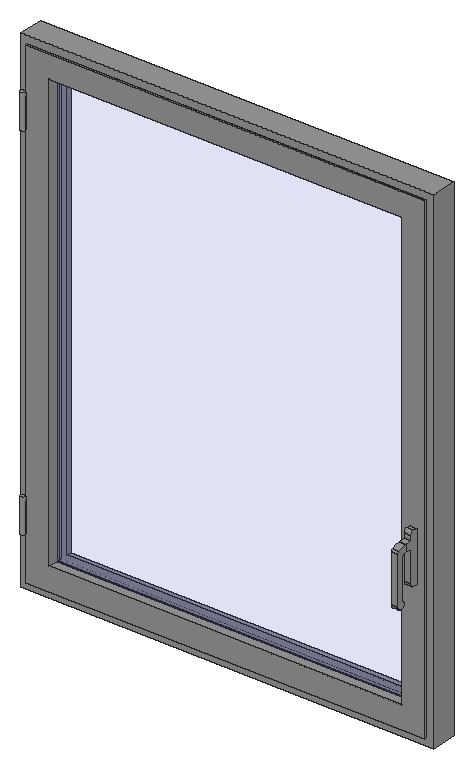
Revit family "2014_Ventana_Carpinteria-Practicable-1-Hoja_Alugom_Serie-ALG-75-Máxima", category Ventanas, Revit 2014
Parameters (values of type "Ventana 1 Hoja Practicable 1230x1480 mm")
  Ventana Oscilante [instance] = no
  Ventana Batiente [instance] = yes
  Uniclass 2.0 Descripción = "Door and window systems"  # constant formula
  Uniclass 2.0 Código = "25-30"  # constant formula
  URL Producto = "http://www.alugom.com/Catalogo/tabid/336/ProdID/31/Language/es-ES/CatID/2/ventana_practicable_de_camara_europea_de_75_mm_con_RPT.aspx"
  URL Poliamida – Catálogo = "http://www.technoform.com/fileadmin/Technoform_Bautec/standardprofiles.html"
  URL Poliamida = "http://www.technoform.es/"
  URL = "http://www.alugom.com/"
  UNSPSC Código = "Windows"  # constant formula
  UNSPSC Categoría = "30171600"  # constant formula
  Transmitancia térmica** = "1.3 W(m²K)"  # constant formula
  Teléfono de Contacto = "+34 91 616 47 27"  # constant formula
  Sección de Marco = 75.00 mm  # constant formula
  Sección de Hoja = 82.00 mm  # constant formula
  Resistencia al viento* = "CLASE C5"  # constant formula
  Poliamida = Poliamida, Technoform Bautec, PA66 GF 25
  Peso máxima por hoja [instance] = if(and(Ventana Batiente, not(Ventana Oscilante)), "120 Kg", if(and(Ventana Oscilante, not([Herraje Oculto Hoja Oscilo-Batiente])), "130 Kg", if(and(Ventana Oscilante, [Herraje Oculto Hoja Oscilo-Batiente]), "170 Kg", "120 Kg")))  # "120 Kg"
  Permeabilidad al aire* = "CLASE 4"  # constant formula
  PERFILES_Junquillo 22mm_Vertical = 2
  PERFILES_Junquillo 22mm_Horizontal = 2
  PERFILES_8428-Vierteaguas_Horizontal = 1
  PERFILES_8412-Pletina falleba_Vertical = 0
  PERFILES_16070H-Cerco ventana alg 75_Vertical = 2
  PERFILES_16070H-Cerco ventana alg 75_Horizontal = 2
  PERFILES_16064H-Hoja ventana alg 75_Vertical = 2
  PERFILES_16064H-Hoja ventana alg 75_Horizontal = 2
  Omniclass Título = "Casment Window"  # constant formula
  Omniclass Código = "23.30.20.17.21.21"  # constant formula
  Modelo = "Serie ALG 75 MAXIMA"  # constant formula
  Masterformat Descripción = "Aluminium Windows"  # constant formula
  Masterformat Código = "08 51 13"  # constant formula
  Marco = Aluminio
  Manija [instance] = if(or(Ventana Oscilante, Ventana Batiente), 1 = 1, 1 = 0)  # yes
  Línea Proyección = Anchura - (2 * 12.25 mm)  # 1205.50 mm
  IFC Clasificación = ""
  Herraje Oculto Hoja Oscilo-Batiente [instance] = no
  Grosor Acristalamiento Control = if(Grosor Acristalamiento < 26.50 mm, 26.50 mm, if(Grosor Acristalamiento > 60.50 mm, 60.50 mm, Grosor Acristalamiento))  # 39.00 mm
  Grosor Acristalamiento = 39.00 mm
  Fecha Revisión de Contenido = "20/10/2015"  # constant formula
  Fecha de Caducidad de la Información = "01/01/2016"  # constant formula
  Fabricante = "Grupo ALUGOM"  # constant formula
  Estanqueidad al aire* = "CLASE E1650"  # constant formula
  Email de Contacto = "alugom@alugom.com"  # constant formula
  Detalle Perfileria 16070H + 16064H [instance] = yes
  Desfase Interior Real [instance] = Desfase Interior + 75.00 mm  # 75.00 mm
  Desfase Interior [instance] = 0.00 mm
  Descripción = "Ventana 1 hoja practicable con rotura de puente térmico"  # constant formula
  Creado por = "Bimetica Parametric Design Services S.L."  # constant formula
  Configuración de Poliamidas = "Poliamidas P66 GF25Technoform Bautec de la serie Standar. Referencias: 429300, 268400, 425100, 380000"  # constant formula
  Comentarios de tipo = "UNA VENTANA TOP CON LA EFICIENCIA ENERGETICA DEL FUTURO\r\nCon la nueva ALG 75 MAXIMA y su valor medio Uf de 1,26 W/m2K el ahorro en calefacción está asegurado. Este sistema de carpintería posee una eficiencia energética mayor que muchas ventanas de PVC o madera, satisfaciendo los requisitos mas exigentes en aislamiento térmico. Y todo ello, sin renunciar a las ventajas de resistencia, durabilidad, elegancia y posibilidades de diseño del aluminio. Estos increíbles valores de aislamiento térmico se consiguen mediante las poliamidas de 'alas' y 'celdas', la doble junta central y la colocación de 'foam' por debajo del cristal.\r\nSe trata de un sistema de carpintería de tres cámaras con rotura de puente térmico para puertas y ventanas, que con un diseño robusto, una gran versatilidad  y un alto aislamiento térmico, está especialmente diseñado para que el montaje sea fácil. La hoja de 81 mm de esta ventana permite hasta 60 mm de galce, pudiéndose realizar grandes ventanales para mejorar el confort y la luminosidad de las viviendas o edificios. \r\n\r\nVentana de elegante sofisticación ideal para quien busque una arquitectura sostenible con un diseño vanguardista."  # constant formula
  COBie Categoría = ""
  Bimetica = "http://www.bimetica.com"
  Anchura Real = if(Anchura < 500.00 mm, 500.00 mm, if(Anchura > 1700.00 mm, 1700.00 mm, Anchura))  # 1230.00 mm
  Altura Real = if(Altura < 500.00 mm, 500.00 mm, if(Altura > 2500.00 mm, 2500.00 mm, Altura))  # 1480.00 mm
  Altura Manija [instance] = 500.00 mm
  Altura Cristal = Altura - 73.05 mm  # 1406.95 mm
  Altura Hoja = Altura - 27.00 mm  # 1453.00 mm
  Altura = 1480.00 mm
  Altura de antepecho por defecto = 900.00 mm
  Cierre de muro = Por anfitrión
  Anchura = 1230.00 mm
  Aislamiento acústico*** = "44 (-1,-5) dB"  # constant formula
  Acristalamiento = Vidrio
  ACCESORIOS_5105-Ángulo vulcanizado junta central = 4
  ACCESORIOS_5085 Junta perimetral hoja alg (L) = 2
  ACCESORIOS_5085 Junta perimetral hoja alg (H) = 2
  ACCESORIOS_5079-Manilla Inox recta = 1
  ACCESORIOS_5074-Refuerzo junta central (L) = 2
  ACCESORIOS_5074-Refuerzo junta central (H) = 2
  ACCESORIOS_5073-Junta central alg (L) = 2
  ACCESORIOS_5073-Junta central alg (H) = 2
  ACCESORIOS_4850-Junta exterior acrist. c/alas (L) = 2
  ACCESORIOS_4850-Junta exterior acrist. c/alas (H) = 2
  ACCESORIOS_4847-Escuadra cerco-hoja = 8
  ACCESORIOS_4739-Terminal pletina metálico = 2
  ACCESORIOS_4720-Cerradero lateral doble = 2
  ACCESORIOS_4710-Escuadra alineamiento (14mm) = 12
  ACCESORIOS_4613-Mecanismo cuadradillo pract. = 1
  ACCESORIOS_4390-Bisagra pract. = 2
  ACCESORIOS_4337-Embellecedor salida agua = 2
  ACCESORIOS_4008-Patín apoyo hoja = 1
  ACCESORIOS_1306-Escuadra exterior = 8
  *** Info = "Ventana de 2 hojas de 1230x1480 mm; Vidrio Rw: 40 (-2,-6) dB"  # constant formula
  ** Info = "Ventana de 1 hoja de 1230x1480 mm; Vidrio Uv: 0,7W(m²K) "  # constant formula
  * Info = "Ventana de 2 hojas de 1230x1480 mm"  # constant formula
Reference planes
  plane 1 "Centro (Frontal/Posterior)": y = 0
  plane 2 "Centro (Izquierda/Derecha)": x = 0
  plane 3 "Izquierda": x = -615
  plane 4 "Derecha": x = 615
  plane 5 "Antepecho": z = 900
  plane 6 "Extremo inicial": z = 2380
  plane 7 "Exterior": y = 100
  plane 8 "Interior": y = -100
  plane 9 "centro carpinteria": y = -25
  plane 10 "Manija": x = 559.999
  plane 11 "altura Manija": z = 1400
Forms (mm)
  Sweep 1, solid, material "Aluminio" <- "Marco", detail levels medium+fine
    path origin (0, -25, 0) x (-1, 0, 0) y (0, 0, 1)
      loop
        line (-615, 2380) -> (-615, 900) -> (615, 900) -> (615, 2380) -> (-615, 2380)
    profile origin (615, -25, 1640) x (0, 1, 0) y (-1, 0, 0)
      loop
        line (0, 0) -> (0, 49) -> (-4, 49) -> (-4, 27) -> (-75, 27) -> (-75, 0) -> (0, 0)
  Sweep 2, solid, material "Aluminio" <- "Marco", detail levels medium+fine
    path origin (0, -25, 0) x (-1, 0, 0) y (0, 0, 1)
      loop
        line (-615, 900) -> (615, 900) -> (615, 2380) -> (-615, 2380) -> (-615, 900)
    profile origin (615, -25, 1640) x (1, 0, 0) y (0, 1, 0)
      loop
        line (-37.27, -48.401) -> (-37.27, -16) -> (-48.463, -16) -> (-48.463, -6.4) -> (-45.497, -6.4) -> (-45.497, -5) -> (-54.995, -5) -> (-54.995, 0) -> (-89.002, 0) -> (-89.002, -15.203) -> (-64.982, -15.203) -> (-64.982, -34.703) -> (-64.982, -54.203) -> (-89.002, -54.203) -> (-89.002, -82) -> (-21, -82) -> (-21, -78.5) -> (-38.502, -78.5) -> (-38.502, -53.6) -> (-46.466, -53.6) -> (-46.466, -48.401) -> (-37.27, -48.401)
  Sweep 3, solid, material "Aluminio" <- "Marco", detail levels coarse
    path origin (0, -25, 0) x (-1, 0, 0) y (0, 0, 1)
      loop
        line (-615, 2380) -> (-615, 900) -> (615, 900) -> (615, 2380) -> (-615, 2380)
    profile origin (0, -25, 2380) x (0, 0, 1) y (0, 1, 0)
      loop
        line (0, 0) -> (-64.982, 0) -> (-64.982, -75) -> (0, -75) -> (0, 0)
  Extrusion 4, solid, material "Vidrio" <- "Acristalamiento"
    sketch origin (0, 0, 900) x (0, -1, 0) y (1, 0, 0)
      loop
        line (40.203, -541.95) -> (79.203, -541.95) -> (79.203, 541.946) -> (40.203, 541.946) -> (40.203, -541.95)
    from 73.05 to 1406.95 <- "Altura Cristal"
  Extrusion 5, solid, material "Aluminio" <- "Marco", visible <- "Manija", detail levels fine
    sketch origin (0, 0, 900) x (0, -1, 0) y (1, 0, 0)
      loop
        arc (101.388, -604.904) -> (114.477, -605.41) -> (104.842, -596.538) r 6.979
        arc (104.842, -596.538) -> (103.415, -596.377) -> (103.009, -595) r 1.298
        line (103.009, -595) -> (103.009, -580.199) -> (103.886, -579.322) -> (103.886, -573.807) -> (101.986, -573.807) -> (101.986, -576.498) -> (78.764, -576.498) -> (78.764, -588) -> (100, -588) -> (100, -600.631) -> (101.388, -604.904)
    from 150 to 250
  Extrusion 6, solid, material "Aluminio" <- "Marco", visible <- "Manija", detail levels fine
    sketch origin (0, 0, 2380) x (0, -1, 0) y (1, 0, 0)
      loop
        arc (101.388, -604.904) -> (114.477, -605.41) -> (104.842, -596.538) r 6.979
        arc (104.842, -596.538) -> (103.415, -596.377) -> (103.009, -595) r 1.298
        line (103.009, -595) -> (103.009, -580.199) -> (103.886, -579.322) -> (103.886, -573.807) -> (101.986, -573.807) -> (101.986, -576.498) -> (78.764, -576.498) -> (78.764, -588) -> (100, -588) -> (100, -600.631) -> (101.388, -604.904)
    from -150 to -250
  Extrusion 7, solid, material "Aluminio" <- "Marco", visible <- "Manija", detail levels fine
    sketch origin (559.999, 0, 0) x (0, -1, 0) y (0, 0, 1)
      loop
        line (107, 1325) -> (117, 1325)
        arc (117, 1325) -> (124.071, 1327.929) -> (127, 1335) r 10
        line (127, 1335) -> (127, 1425.581) -> (145.126, 1428.452) -> (145.126, 1448.452) -> (127, 1451.323) -> (127, 1465)
        arc (127, 1465) -> (124.071, 1472.071) -> (117, 1475) r 10
        line (117, 1475) -> (107, 1475) -> (107, 1325)
    from -10 to 10
  Extrusion 8, solid, material "Aluminio" <- "Marco", visible <- "Manija", detail levels fine
    sketch origin (559.999, 0, 0) x (0, -1, 0) y (0, 0, 1)
      loop
        line (145.126, 1428.452) -> (155.126, 1428.452)
        arc (155.126, 1428.452) -> (158.662, 1426.988) -> (160.126, 1423.452) r 5
        line (160.126, 1423.452) -> (160.126, 1302.519)
        arc (160.126, 1302.519) -> (159.505, 1284.55) -> (175.126, 1293.452) r 10.295
        line (175.126, 1293.452) -> (175.126, 1434.132)
        arc (175.126, 1434.132) -> (174.063, 1437.737) -> (171.473, 1440.461) r 8.011
        arc (171.473, 1440.461) -> (158.662, 1445.651) -> (145.126, 1448.452) r 76.54
        line (145.126, 1448.452) -> (145.126, 1428.452)
    from -10 to 10
Lines and regions (mm)
  Opening 1
    outline origin (3500, -100, 0) x (1, 0, 0) y (0, 0, 1)
      loop
        line (-2885, 900) -> (-2885, 2380) -> (-4115, 2380) -> (-4115, 900) -> (-2885, 900)
  model lines
    curve 1: line (-615, -25, 2380) -> (615, -25, 2380)
    curve 2: line (615, -25, 2380) -> (615, -25, 900)
    curve 3: line (615, -25, 900) -> (-615, -25, 900)
    curve 4: line (-615, -25, 900) -> (-615, -25, 2380)
  symbolic lines, style "Batiente de plano", visible <- "Ventana Batiente"
    curve 5: line (-602.748, -108.026, 0) -> (-602.748, -1313.526, 0)
    curve 8: arc (-602.748, -1313.526, 900) -> (249.669, -960.443, 900) -> (602.752, -108.026, 900) r 1205.5
  symbolic lines, style "Batiente de alzado", visible <- "Ventana Batiente"
    curve 6: line (-615, -25, 2380) -> (594, -25, 1640)
    curve 7: line (594, -25, 1640) -> (-615, -25, 900)
  symbolic lines, style "WindowsGlassProjection", detail levels medium+fine
    curve 9: line (-541.95, -74.203, 900) -> (541.95, -74.203, 900)
    curve 10: line (541.95, -45.203, 900) -> (-541.95, -45.203, 900)
    curve 13: line (541.95, -57.203, 900) -> (-541.95, -57.203, 900)
    curve 14: line (541.95, -62.203, 900) -> (-541.95, -62.203, 900)
    curve 15: line (-615, -45.203, 2306.95) -> (-615, -45.203, 973.05)
    curve 16: line (-615, -57.203, 2306.95) -> (-615, -57.203, 973.05)
    curve 17: line (-615, -62.203, 2306.95) -> (-615, -62.203, 973.05)
    curve 18: line (-615, -74.203, 2306.95) -> (-615, -74.203, 973.05)
    curve 19: line (-541.95, -40.203, 900) -> (-541.95, -79.203, 900)
    curve 20: line (541.95, -40.203, 900) -> (541.95, -79.203, 900)
  symbolic lines, style "Batiente de alzado", visible <- "Ventana Oscilante"
    curve 11: line (-615, -25, 900) -> (0, -25, 2359)
    curve 12: line (0, -25, 2359) -> (615, -25, 900)
Text (mm)
  text "EXTERIOR" at (-1963.203, 1332.353, 0), in view "Nivel de referencia"
  text "INTERIOR" at (-1981.466, -818.386, 0), in view "Nivel de referencia"
  text "Exterior" at (0, 923.751, 2943.296), in view "Derecha"
  text "Exterior" at (0, 1040.484, 2685.409), in view "Izquierda"
Dimensions and locks
  equal spacing: plane 3 "Izquierda", plane 2 "Centro (Izquierda/Derecha)", plane 4 "Derecha"
  "Anchura Real": plane 3 "Izquierda" to plane 4 "Derecha"
  "Altura Real": plane 5 "Antepecho" to plane 6 "Extremo inicial"
  "Altura de antepecho por defecto": plane 5 "Antepecho" to level
  locked: plane 7 "Exterior" to host wall at 0
  locked: plane 8 "Interior" to host wall
  Sweep 3 sketch curve to profile plane = 75.00 mm
  Sweep 3 sketch curve to plane 6 "Extremo inicial" = 64.982 mm
  equal spacing: plane 6 "Extremo inicial", curve 7, plane 5 "Antepecho"
  "Desfase Interior Real": plane 9 "centro carpinteria" to plane 8 "Interior"
  plane 3 "Izquierda" to curve 10 = 73.05 mm
  plane 3 "Izquierda" to curve 9 = 73.05 mm
  curve 10 to plane 4 "Derecha" = 73.05 mm
  curve 9 to plane 4 "Derecha" = 73.05 mm
  Extrusion 4 to curve 9 = 5.00 mm
  Extrusion 4 to curve 10 = 5.00 mm
  "Línea Proyección": curve 5 to curve 5
  locked: curve 7 to plane 4 "Derecha" at 21
  locked: plane 3 "Izquierda" to curve 8 at 12.252
  locked: plane 6 "Extremo inicial" to curve 12 at 21
  locked: Extrusion 4 sketch curve to plane 4 "Derecha" at 73.054
  locked: plane 3 "Izquierda" to Extrusion 4 sketch curve at 73.05
  plane 3 "Izquierda" to Extrusion 5 sketch curve to Extrusion 5 sketch curve to Extrusion 5 sketch curve to Extrusion 5 sketch curve to Extrusion 5 sketch curve to Extrusion 5 sketch curve to Extrusion 5 sketch curve to Extrusion 5 sketch curve = 12.252 mm locked, 2.116 mm locked, 5.249 mm locked, 7.383 mm locked, 7.801 mm locked, 0.877 mm locked, 2.823 mm locked, 2.691 mm locked
  plane 9 "centro carpinteria" to Extrusion 5 sketch curve to Extrusion 5 sketch curve to Extrusion 5 sketch curve to Extrusion 5 sketch curve to Extrusion 5 sketch curve to Extrusion 5 sketch curve to Extrusion 5 sketch curve to Extrusion 5 sketch curve = 53.764 mm locked, 21.236 mm locked, 1.388 mm locked, 0.598 mm locked, 1.023 mm locked, 0.877 mm locked, 0.363 mm locked, 3.776 mm locked
  Extrusion 6 sketch curve to Extrusion 6 sketch curve to Extrusion 6 sketch curve to Extrusion 6 sketch curve to Extrusion 6 sketch curve to Extrusion 6 sketch curve to Extrusion 6 sketch curve to Extrusion 6 sketch curve = 2.116 mm locked, 5.249 mm locked, 7.383 mm locked, 7.801 mm locked, 0.877 mm locked, 2.823 mm locked, 2.691 mm locked
  Extrusion 6 sketch curve to Extrusion 6 sketch curve to Extrusion 6 sketch curve to Extrusion 6 sketch curve to Extrusion 6 sketch curve to Extrusion 6 sketch curve to Extrusion 6 sketch curve to Extrusion 6 sketch curve = 21.236 mm locked, 1.388 mm locked, 0.598 mm locked, 1.023 mm locked, 0.877 mm locked, 0.363 mm locked, 3.776 mm locked
  locked: plane 9 "centro carpinteria" to Extrusion 6 sketch curve at 53.764
  locked: plane 3 "Izquierda" to Extrusion 6 sketch curve at 12.252
  locked: plane 9 "centro carpinteria" to curve 8 at 83.026
  locked: plane 3 "Izquierda" to curve 5 at 12.252
  locked: plane 9 "centro carpinteria" to curve 5 at 83.026
  locked: plane 10 "Manija" to plane 4 "Derecha" at 55.001
  "Altura Manija": plane 5 "Antepecho" to plane 11 "altura Manija"
  plane 11 "altura Manija" to Extrusion 7 sketch curve to Extrusion 7 sketch curve to Extrusion 7 sketch curve to Extrusion 7 sketch curve to Extrusion 7 sketch curve to Extrusion 7 sketch curve = 25.581 mm locked, 2.871 mm locked, 20.00 mm locked, 2.871 mm locked, 13.677 mm locked, 10.00 mm locked
  Extrusion 7 sketch curve to Extrusion 7 sketch curve to plane 11 "altura Manija" = 10.00 mm locked, 65.00 mm locked
  plane 9 "centro carpinteria" to Extrusion 7 sketch curve to Extrusion 7 sketch curve to Extrusion 7 sketch curve to Extrusion 7 sketch curve = 82.00 mm locked, 10.00 mm locked, 10.00 mm locked, 18.126 mm locked
  locked: plane 9 "centro carpinteria" to Extrusion 7 sketch curve at 102
  plane 11 "altura Manija" to Extrusion 8 sketch curve to Extrusion 8 sketch curve to Extrusion 8 sketch curve to Extrusion 8 sketch curve = 23.452 mm locked, 5.00 mm locked, 5.28 mm locked, 14.72 mm locked
  Extrusion 8 sketch curve to Extrusion 8 sketch curve to Extrusion 8 sketch curve to plane 11 "altura Manija" = 9.158 mm locked, 69.888 mm locked, 27.593 mm locked
  plane 9 "centro carpinteria" to Extrusion 8 sketch curve to Extrusion 8 sketch curve to Extrusion 8 sketch curve to Extrusion 8 sketch curve to Extrusion 8 sketch curve to Extrusion 8 sketch curve to Extrusion 8 sketch curve = 111.444 mm locked, 8.682 mm locked, 10.00 mm locked, 5.00 mm locked, 4.705 mm locked, 2.294 mm locked, 8.001 mm locked
  locked: plane 3 "Izquierda" to curve 19 at 73.05
  locked: curve 20 to plane 4 "Derecha" at 73.05
  equal spacing: Sweep 2 sketch curve, Sweep 2 sketch curve, Sweep 2 sketch curve
  "Grosor Acristalamiento Control": Sweep 2 sketch curve to Sweep 2 sketch curve
  Sweep 2 sketch curve to Sweep 2 sketch curve to Sweep 2 sketch curve to Sweep 2 sketch curve to Sweep 2 sketch curve to Sweep 2 sketch curve to Sweep 2 sketch curve to Sweep 2 sketch curve to Sweep 2 sketch curve to Sweep 2 sketch curve to Sweep 2 sketch curve to profile plane = 0.00 mm locked, 24.02 mm locked, 0.00 mm locked, 9.987 mm locked, 6.532 mm locked, 1.997 mm locked, 0.969 mm locked, 6.995 mm locked, 1.232 mm locked, 16.27 mm locked, 21.00 mm locked
  profile plane to Sweep 2 sketch curve to Sweep 2 sketch curve to Sweep 2 sketch curve to Sweep 2 sketch curve to Sweep 2 sketch curve to Sweep 2 sketch curve to Sweep 2 sketch curve to Sweep 2 sketch curve = 5.00 mm locked, 1.40 mm locked, 9.60 mm locked, 18.703 mm locked, 13.698 mm locked, 5.199 mm locked, 24.90 mm locked, 3.50 mm locked
  plane 9 "centro carpinteria" to curve 16 to curve 17 = 32.203 mm locked, 5.00 mm locked
  locked: Sweep 2 to curve 15 at 5
  locked: curve 18 to Sweep 2 at 5
  plane 9 "centro carpinteria" to curve 13 to curve 14 = 32.203 mm locked, 5.00 mm locked
  "Línea Proyección": radius of curve 8
  aligned and locked: plane 4 "Derecha" to Sweep 2 sketch curve
  aligned and locked: Sweep 2 sketch curve to plane 5 "Antepecho"
  aligned and locked: Sweep 3 sketch curve to plane 6 "Extremo inicial"
  aligned and locked: plane 3 "Izquierda" to Sweep 3 sketch curve
  aligned and locked: plane 5 "Antepecho" to Sweep 3 sketch curve
  aligned and locked: Sweep 3 sketch curve to plane 4 "Derecha"
  aligned and locked: Sweep 3 sketch curve to profile plane
  aligned and locked: plane 9 "centro carpinteria" to Sweep 3 sketch curve
  aligned and locked: plane 3 "Izquierda" to curve 6
  aligned and locked: plane 3 "Izquierda" to curve 7
  aligned and locked: plane 6 "Extremo inicial" to curve 6
  aligned and locked: profile plane to Sweep 1 sketch curve
  aligned and locked: Sweep 1 sketch curve to profile plane
  aligned and locked: Sweep 2 sketch curve to Sweep 3
  aligned and locked: plane 2 "Centro (Izquierda/Derecha)" to curve 12
  aligned and locked: plane 5 "Antepecho" to curve 12
  aligned and locked: plane 5 "Antepecho" to curve 11
  aligned and locked: Sweep 3 to plane 4 "Derecha"
  aligned and locked: plane 9 "centro carpinteria" to Sweep 3
  aligned and locked: nested 1 to plane 6 "Extremo inicial"
  aligned and locked: nested 1 to plane 9 "centro carpinteria"
  aligned and locked: nested 2 to plane 5 "Antepecho"
  aligned and locked: plane 9 "centro carpinteria" to nested 2
  aligned and locked: plane 9 "centro carpinteria" to nested 3
  aligned and locked: plane 4 "Derecha" to nested 3
  aligned and locked: plane 3 "Izquierda" to nested 4
  aligned and locked: nested 4 to plane 9 "centro carpinteria"
  aligned and locked: Extrusion 4 to curve 15  (x2)
  aligned and locked: Extrusion 4 to curve 16  (x2)
  aligned and locked: Extrusion 4 to curve 17  (x2)
  aligned and locked: Extrusion 4 to curve 18  (x2)
  aligned and locked: profile plane to Sweep 2 sketch curve
Automatic sketch dimensions
  Extrusion 8 sketch curve to Extrusion 8 sketch curve = 0.40 mm
  plane 3 "Izquierda" to Opening 1 sketch curve = 0.00 mm
  plane 4 "Derecha" to Opening 1 sketch curve = 0.00 mm
  Opening 1 sketch curve to plane 5 "Antepecho" = 0.00 mm
  Opening 1 sketch curve to plane 6 "Extremo inicial" = 0.00 mm
  plane 4 "Derecha" to curve 12 = 0.00 mm
  plane 4 "Derecha" to Sweep 1 sketch curve = 0.00 mm
  plane 3 "Izquierda" to Sweep 1 sketch curve = 0.00 mm
  Sweep 1 sketch curve to plane 5 "Antepecho" = 0.00 mm
  Sweep 1 sketch curve to plane 6 "Extremo inicial" = 0.00 mm
  plane 3 "Izquierda" to Sweep 2 sketch curve = 0.00 mm
  Sweep 1 sketch curve to plane 9 "centro carpinteria" = 4.00 mm
  Sweep 1 sketch curve to profile plane = 27.00 mm
  Sweep 1 sketch curve to Sweep 1 sketch curve = 71.00 mm
  Sweep 1 sketch curve to Sweep 1 sketch curve = 22.00 mm
  Extrusion 5 sketch curve to Extrusion 5 sketch curve = 4.273 mm
  Extrusion 5 sketch curve to Extrusion 5 sketch curve = 0.383 mm
  Extrusion 6 sketch curve to Extrusion 6 sketch curve = 4.273 mm
  Extrusion 6 sketch curve to Extrusion 6 sketch curve = 0.383 mm
  curve 19 to curve 10 = 5.00 mm
  curve 20 to curve 10 = 5.00 mm
  curve 9 to curve 20 = 5.00 mm
  curve 9 to curve 19 = 5.00 mm
  Extrusion 4 sketch curve to plane 9 "centro carpinteria" = 15.203 mm
  Extrusion 4 sketch curve to host wall = 20.797 mm
Nested families
  nested 1: "16070H+16064H" at (-615, -25, 2380) x (0, 0, 1) z (-1, 0, 0), visible <- "Detalle Perfileria 16070H + 16064H", type "16070H+16064H", detail levels fine
  nested 2: "16070H+16064H" at (-615, -25, 900) x (0, 0, -1) z (-1, 0, 0), visible <- "Detalle Perfileria 16070H + 16064H", type "16070H+16064H", detail levels fine
  nested 3: "16070H+16064H" at (615, -25, 900) x (1, 0, 0) z (0, 0, -1), visible <- "Detalle Perfileria 16070H + 16064H", type "16070H+16064H", detail levels fine
  nested 4: "16070H+16064H" at (-615, -25, 900) x (-1, 0, 0) z (0, 0, -1), visible <- "Detalle Perfileria 16070H + 16064H", type "16070H+16064H", detail levels fine
Definition of nested family "16070H+16064H"
  Reference planes
    plane 1: y = 0
    plane 2: x = 0
